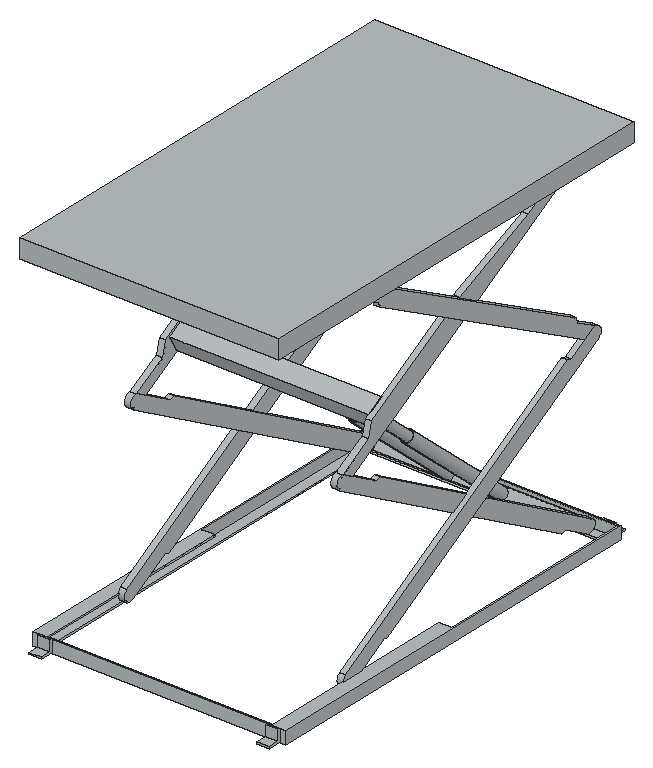
Revit family "DockEquipment_LiftTable_Pentalift_DSL", category Specialty Equipment, Revit 2026
Family settings
  Round Connector Dimension = Use Diameter
  Part Type = Normal
  Work Plane-Based = Yes
  Enable Cutting in Views = No
  Always vertical = No
  Cut with Voids When Loaded = No
  Maintain Annotation Orientation = No
  Shared = No
  Room Calculation Point = No
Parameters
  offset [instance] = 0' - 0"
  Warranty Duration (Years) = 0
  Unit Width = 3' - 6"
  Unit Length = 6' - 0"
  URL = "http://www.pentalift.com/index.php"
  Specification = ""
  SpecWizard = ""
  Send Message = "http://www.arcat.com/users.pl?action=UserEmail&company=Pentalift Equipment Corp.&coid=34752&rep=119&fax=519-763-2894&mf="
  Sales Information = "http://www.pentalift.com/about-us.htm"
  Revision = "R1_01-2012"
  Product Properties = ""
  Product Data = "http://www.arcat.com/arcatcos/cos34/arc34752.html"
  Platform Width [instance] = 3' - 6"
  Platform Length [instance] = 6' - 0"
  Platform Height [instance] = 5' - 0"
  Model = "As Specified"
  Material [instance] = Metal - Steel - Pentalift - Painted - Gray
  Manufacturer Website = "http://www.pentalift.com/index.php"
  Manufacturer Phone - Toll Free = ""
  Manufacturer Phone = "519-763-3625 "
  Manufacturer Fax = "519-763-2894"
  Manufacturer Address = "21 Nicholas Beaver Rd. Guelph, ON, Canada N1H 6H9 "
  Manufacturer = "Pentalift Equipment Corp."
  Maintenance Schedule (Months) = 0
  Keynote = "11160"
  Installation-Fabrication = ""
  Installation Phase = ""
  Green Building-LEED = ""
  Expected Lifespan (Years) = 0
  Drawn By = "Sumex Design, Inc. / Robert S. Weygant, CSI, CDT, SCIP"
  Description = "Pentalift Dock Equipment as Specified"
  Default Elevation = 4' - 0"
  Copyright = "©Arcat Inc."
  Construction Details = "http://www.arcat.com/details/pentalif/pentalif.html?coid=34752"
  Capacity (Weight) = 0.00 kip
  Assembly Code = "E1030300"
Reference planes (in)
  plane 1 "Center (Front/Back)": y = 0
  plane 2 "Bottom": z = 0
  plane 3 "Center (Left/Right)": x = 0
  plane 4 "Front": y = -36
  plane 5 "Back": y = 36
  plane 6 "Left": x = -21
  plane 7 "Right": x = 21
  plane 8 "Top": z = 60
  plane 9: x = -20.5
  plane 10: x = 20.5
  plane 11: y = 34
  plane 12: y = -34
  plane 13: z = 1.75
  plane 14: z = 57
  plane 15: x = -3
  plane 16: z = 3
  plane 17: x = -21
  plane 18: x = 21
  plane 19: y = 36
  plane 20: y = -36
Forms (in)
  Extrusion 1, solid, material "Metal - Steel - Pentalift - Painted - Gray" <- "Material"
    sketch origin (-43.59721, -180, 60) x (-1, 0, 0) y (0, -1, 0)
      loop
        line (-22.59721, -216) -> (-22.59721, -144) -> (-64.59721, -144) -> (-64.59721, -216) -> (-22.59721, -216)
    from 0 to -3
  Sweep 2, solid, material "Metal - Steel - Pentalift - Painted - Gray" <- "Material"
    path origin (0, 0, 0) x (1, 0, 0) y (0, 1, 0)
      loop
        line (-20.5, 34) -> (-20.5, -34) -> (20.5, -34) -> (20.5, 34) -> (-20.5, 34)
    profile origin (0, 34, 0) x (0, 1, 0) y (0, 0, 1)
      loop
        line (-0.25, 2) -> (-0.25, 0.25) -> (-2, 0.25) -> (-2, 0) -> (0, 0) -> (0, 2) -> (-0.25, 2)
  Extrusion 3, solid, material "Metal - Steel - Pentalift - Painted - Gray" <- "Material"
    sketch origin (-20.5, 55.3623, 48) x (0, 1, 0) y (0, 0, 1)
      loop
        line (-21.3623, -46) -> (-21.3623, -48) -> (-19.3623, -48) -> (-19.3623, -47.75) -> (-21.1123, -47.75) -> (-21.1123, -46) -> (-21.3623, -46)
      loop
        line (-89.3623, -46) -> (-89.6123, -46) -> (-89.6123, -47.75) -> (-91.3623, -47.75) -> (-91.3623, -48) -> (-89.3623, -48) -> (-89.3623, -46)
    from 3 to 1
  Extrusion 4, solid, material "Metal - Steel - Pentalift - Painted - Gray" <- "Material"
    sketch origin (20.5, -56.16774, 48) x (0, -1, 0) y (0, 0, 1)
      loop
        line (-90.16774, -46) -> (-90.41774, -46) -> (-90.41774, -47.75) -> (-92.16774, -47.75) -> (-92.16774, -48) -> (-90.16774, -48) -> (-90.16774, -46)
      loop
        line (-22.16774, -46) -> (-22.16774, -48) -> (-20.16774, -48) -> (-20.16774, -47.75) -> (-21.91774, -47.75) -> (-21.91774, -46) -> (-22.16774, -46)
    from 3 to 1
  Extrusion 5, solid, material "Metal - Steel - Pentalift - Painted - Gray" <- "Material"
    sketch origin (0, 40.75, 1.75) x (0, 1, 0) y (-1, 0, 0)
      loop
        line (-74.75, 20.5) -> (-74.75, 18.25) -> (-40.75, 18.25) -> (-40.75, 20.5) -> (-74.75, 20.5)
      loop
        line (-74.75, -20.5) -> (-40.75, -20.5) -> (-40.75, -18.25) -> (-74.75, -18.25) -> (-74.75, -20.5)
    from 0 to 0.25
Cuts and joins
  joined: Sweep 2, Extrusion 5
Dimensions and locks (in)
  equal spacing: plane 6 "Left", plane 3 "Center (Left/Right)", plane 7 "Right"
  "Unit Width": plane 6 "Left" to plane 7 "Right"
  equal spacing: plane 5 "Back", plane 1 "Center (Front/Back)", plane 4 "Front"
  "Unit Length": plane 5 "Back" to plane 4 "Front"
  "Platform Height": plane 8 "Top" to level
  locked: plane 10 to plane 7 "Right" at 0.5
  locked: plane 6 "Left" to plane 9 at 0.5
  locked: plane 12 to plane 4 "Front" at 2
  plane 5 "Back" to plane 11 = 0' - 2"
  locked: plane 13 to level at 1.75
  locked: plane 8 "Top" to plane 14 at 3
  locked: plane 6 "Left" to plane 15 at 18
  equal spacing: plane 20, plane 1 "Center (Front/Back)", plane 19
  equal spacing: plane 17, plane 3 "Center (Left/Right)", plane 18
  "Platform Width": plane 17 to plane 18
  "Platform Length": plane 19 to plane 20
  aligned and locked: Extrusion 1 to plane 14
  aligned and locked: plane 1 "Center (Front/Back)" to nested 1
  aligned and locked: plane 3 "Center (Left/Right)" to nested 1
Automatic sketch dimensions
  Sweep 2 sketch curve to plane 9 = 0' - 0"
  Sweep 2 sketch curve to plane 10 = 0' - 0"
  Sweep 2 sketch curve to plane 12 = 0' - 0"
  Sweep 2 sketch curve to plane 11 = 0' - 0"
  Sweep 2 sketch curve to level = 0' - 0"
  Sweep 2 sketch curve to profile plane = 0' - 0"
  Sweep 2 sketch curve to Sweep 2 sketch curve = 0' - 0 1/4"
  Sweep 2 sketch curve to Sweep 2 sketch curve = 0' - 1 3/4"  (x2)
  level to Sweep 2 sketch curve = 0' - 0 1/4"
  Extrusion 1 sketch curve to plane 18 = 0' - 0"
  Extrusion 1 sketch curve to plane 17 = 0' - 0"
  Extrusion 1 sketch curve to plane 19 = 0' - 0"
  Extrusion 1 sketch curve to plane 20 = 0' - 0"
  Extrusion 3 sketch curve to plane 4 "Front" = 0' - 0"
  Extrusion 3 sketch curve to plane 12 = 0' - 0"
  Extrusion 3 sketch curve to plane 11 = 0' - 0"
  Extrusion 3 sketch curve to plane 5 "Back" = 0' - 0"
  Extrusion 3 sketch curve to level = 0' - 0"  (x2)
  Extrusion 3 sketch curve to plane 12 = 0' - 0 1/4"
  plane 11 to Extrusion 3 sketch curve = 0' - 0 1/4"
  level to Extrusion 3 sketch curve = 0' - 0 1/4"  (x2)
  plane 13 to Extrusion 3 sketch curve = 0' - 0 1/4"  (x2)
  Extrusion 4 sketch curve to plane 5 "Back" = 0' - 0"
  Extrusion 4 sketch curve to level = 0' - 0"  (x2)
  Extrusion 4 sketch curve to plane 11 = 0' - 0"
  Extrusion 4 sketch curve to plane 12 = 0' - 0"
  Extrusion 4 sketch curve to plane 4 "Front" = 0' - 0"
  plane 11 to Extrusion 4 sketch curve = 0' - 0 1/4"
  Extrusion 4 sketch curve to plane 12 = 0' - 0 1/4"
  level to Extrusion 4 sketch curve = 0' - 0 1/4"  (x2)
  plane 13 to Extrusion 4 sketch curve = 0' - 0 1/4"  (x2)
  Extrusion 5 sketch curve to plane 9 = 0' - 0"
  Extrusion 5 sketch curve to plane 12 = 0' - 0"  (x2)
  Extrusion 5 sketch curve to plane 1 "Center (Front/Back)" = 0' - 0"  (x2)
  Extrusion 5 sketch curve to plane 10 = 0' - 0"
  Extrusion 5 sketch curve to Extrusion 5 sketch curve = 0' - 2 1/4"  (x2)
Nested families (in)
  nested 1: "Scisor_DSL" at (0, 0, 0), Material <- "Material", Unit Width <- "Unit Width", Unit Length <- "Unit Length", Platform Height <- "Platform Height", type "Scisor_DSL"
    with offset 0' - 0", ll/2 2' - 4.8", lFull 3' - 9.6", Unit Width 3' - 6", Unit Length 6' - 0", Support Angle 29.513°, Platform Height 5' - 0", PistonLength 4' - 2.4838", PistonAngle 11.7595°, Material Metal - Steel - Pentalift - Painted - Gray, Leg Length 4' - 9.6"
Definition of nested family "Scisor_DSL"
  Parameters
    offset [instance] = 0' - 0"
    ll/2 [instance] = Leg Length / 2  # 2' - 4.8"
    lFull [instance] = Leg Length - 1' 0"  # 3' - 9.6"
    Warranty Duration (Years) = 0
    Unit Width [instance] = 2' - 0"
    Unit Length [instance] = 6' - 0"
    Unit Height = 3' - 6"
    URL = "http://www.pentalift.com/index.php"
    Support Angle [instance] = asin(((Platform Height - 0' 3 1/4") / 2) / Leg Length)  # 29.513°
    Specification = ""
    SpecWizard = ""
    Send Message = "http://www.arcat.com/users.pl?action=UserEmail&company=Pentalift Equipment Corp.&coid=34752&rep=119&fax=519-763-2894&mf="
    Sales Information = "http://www.pentalift.com/about-us.htm"
    Revision = "R1_01-2012"
    Product Properties = ""
    Product Data = "http://www.arcat.com/arcatcos/cos34/arc34752.html"
    Platform Height [instance] = 5' - 0"
    PistonLength [instance] = sqrt(1.00 SF + ((Leg Length - 0' 2") ^ 2) - 2' 0" * 1 * (Leg Length - 0' 2") * cos(Support Angle * 2))  # 4' - 2.4838"
    PistonAngle [instance] = asin((1' 0" * sin(Support Angle * 2)) / PistonLength)  # 11.7595°
    Model = "As Specified"
    Material [instance] = none
    Manufacturer Website = "http://www.pentalift.com/index.php"
    Manufacturer Phone - Toll Free = ""
    Manufacturer Phone = "519-763-3625 "
    Manufacturer Fax = "519-763-2894"
    Manufacturer Address = "21 Nicholas Beaver Rd. Guelph, ON, Canada N1H 6H9 "
    Manufacturer = "Pentalift Equipment Corp."
    Maintenance Schedule (Months) = 0
    Leg Length [instance] = Unit Length * 0.8  # 4' - 9.6"
    Keynote = "11160"
    Installation-Fabrication = ""
    Installation Phase = ""
    Green Building-LEED = ""
    Expected Lifespan (Years) = 0
    Drawn By = "Sumex Design, Inc. / Robert S. Weygant, CSI, CDT, SCIP"
    Description = "Pentalift Dock Equipment as Specified"
    Default Elevation = 4' - 0"
    Copyright = "©Arcat Inc."
    Construction Details = "http://www.arcat.com/details/pentalif/pentalif.html?coid=34752"
    Capacity (Weight) = 0.00 kip
    Assembly Code = "E1030300"
  Reference planes (in)
    plane 1 "Center (Front/Back)": y = 0
    plane 2 "Bottom": z = 0
    plane 3 "Center (Left/Right)": x = 0
    plane 4 "Front": y = -36
    plane 5 "Back": y = 36
    plane 6 "Left": x = -12
    plane 7 "Right": x = 12
    plane 8 "Top": z = 60
    plane 9: x = -9.25
    plane 10: x = 9.25
    plane 11: y = 33.5
    plane 12: y = -32.25
    plane 13: z = 1.75
    plane 14: y = 31.75
    plane 15: z = 58.5
    plane 16: z = 30.125
  Forms (in)
    Extrusion 1, solid, material <- "Material"
      sketch origin (0, 32.45575, 58.24621) x (0, -0.870244, -0.492622) y (0, 0.492622, -0.870244)
        loop
          line (46.08915, 0.05574) -> (46.08915, -2.94426) -> (49.08915, -2.94426) -> (49.08915, 0.05574) -> (46.08915, 0.05574)
      from -7.25 to 7.25
    Extrusion 2, solid, material <- "Material"
      sketch origin (0, 31.75, 1.75) x (0, -0.870244, 0.492622) y (0, -0.492622, -0.870244)
        loop
          line (1.7573, -1.06116) -> (2.00729, -1.06416) -> (2.02926, 0.76988) -> (4.28224, 0.74289) -> (4.28523, 0.99287) -> (1.78227, 1.02286) -> (1.7573, -1.06116)
      from -7.25 to 7.25
    Revolve 3, solid, material <- "Material"
      sketch origin (-4.25, 29.99208, 2.74511) x (0, -0.75158, 0.659642) y (0, 0.659642, 0.75158)
        loop
          line (0, 0) -> (50.4838, 0) -> (50.4838, 0.75) -> (25.2419, 0.75) -> (25.2419, 0.99469) -> (0, 0.99469) -> (0, 0)
        axis (0, 0) -> (50.4838, 0)
      angle from 0 to 360
    Revolve 4, solid, material <- "Material"
      sketch origin (4.25, 29.99208, 2.74511) x (0, -0.75158, 0.659642) y (0, 0.659642, 0.75158)
        loop
          line (0, 0) -> (50.4838, 0) -> (50.4838, 0.75) -> (25.2419, 0.75) -> (25.2419, 0.99469) -> (0, 0.99469) -> (0, 0)
        axis (0, 0) -> (50.4838, 0)
      angle from 0 to 360
  Lines and regions (in)
    reference lines
      curve 1: line (0, 31.75, 58.5) -> (0, -48.31242, 13.17882)
      curve 2: line (0, 31.75, 1.75) -> (0, -57.01485, 51.9974)
      curve 3: line (0, 31.75, 30.125) -> (0, 3.03196, 13.86849)
      curve 4: line (0, 31.75, 30.125) -> (0, 15.21537, 39.48481)
      curve 5: line (0, 29.99208, 2.74511) -> (0, -1.1985, 30.12024)
      curve 6: line (-4.25, 29.99208, 2.74511) -> (-4.25, 4.62624, 25.00802)
      curve 7: line (4.25, 29.99208, 2.74511) -> (4.25, 4.62624, 25.00802)
  Dimensions and locks (in)
    equal spacing: plane 6 "Left", plane 3 "Center (Left/Right)", plane 7 "Right"
    "Unit Width": plane 6 "Left" to plane 7 "Right"
    equal spacing: plane 5 "Back", plane 1 "Center (Front/Back)", plane 4 "Front"
    "Unit Length": plane 5 "Back" to plane 4 "Front"
    "Platform Height": plane 8 "Top" to level
    locked: plane 10 to plane 7 "Right" at 2.75
    locked: plane 6 "Left" to plane 9 at 2.75
    locked: plane 12 to plane 4 "Front" at 3.75
    locked: plane 5 "Back" to plane 11 at 2.5
    locked: plane 13 to level at 1.75
    locked: plane 11 to plane 14 at 1.75
    locked: plane 8 "Top" to plane 15 at 1.5
    locked: plane 10 to Extrusion 1 at 2
    locked: plane 9 to Extrusion 1 at 2
    equal spacing: plane 15, plane 16, plane 13
    locked: nested 1 to plane 9 at 1
    locked: nested 5 to plane 9 at 1
    locked: nested 2 to plane 10 at 1
    locked: Extrusion 1 sketch curve to Extrusion 1 sketch curve at 3
    locked: Extrusion 2 to plane 10 at 2
    locked: Extrusion 2 to plane 9 at 2
    locked: plane 10 to curve 7 at 5
    locked: curve 6 to plane 9 at 5
    "PistonLength": Revolve 3 sketch curve to curve 6
    equal spacing: Revolve 3 sketch curve, Revolve 3 sketch curve, curve 6
    equal spacing: Revolve 4 sketch curve, Revolve 4 sketch curve, curve 6
    "PistonLength": Revolve 4 sketch curve to curve 6
    "lFull": curve 1 to Extrusion 1 sketch curve
    locked: plane 10 to nested 6 at 2
    "Support Angle": angle curve 1 to plane 15
    "Support Angle": angle plane 13 to curve 2
    "Support Angle": angle plane 16 to curve 4
    "Support Angle": angle curve 3 to plane 16
    "PistonAngle": angle curve 2 to curve 5
    aligned and locked: nested 3 to plane 9
    aligned and locked: nested 4 to plane 9
    aligned and locked: nested 7 to plane 10
    aligned and locked: nested 8 to plane 10
  Automatic sketch dimensions
    curve 3 to plane 14 = 0' - 0"
    curve 2 to plane 13 = 0' - 0"
    curve 2 to plane 14 = 0' - 0"
    curve 1 to plane 14 = 0' - 0"
    curve 3 to plane 16 = 0' - 0"
    curve 1 to plane 15 = 0' - 0"
    curve 1 to Extrusion 1 sketch curve = 0' - 2.37573"
    Extrusion 1 sketch curve to curve 1 = 0' - 0.62427"
    curve 5 to curve 2 = 0' - 0"
    curve 2 to curve 5 = 0' - 2.02004"
    curve 2 to Extrusion 2 sketch curve = 0' - 1.7573"
    Extrusion 2 sketch curve to curve 2 = 0' - 1.02286"
    curve 2 to Extrusion 2 sketch curve = 0' - 1.78227"
    Extrusion 2 sketch curve to Extrusion 2 sketch curve = 0' - 0 1/4"
    Extrusion 2 sketch curve to curve 2 = 0' - 0.76988"
    Extrusion 2 sketch curve to Extrusion 2 sketch curve = 0' - 0.24699"
    Extrusion 2 sketch curve to curve 2 = 0' - 0.74289"
    curve 7 to curve 5 = 0' - 0"
    curve 6 to curve 5 = 0' - 0"
    curve 6 to curve 5 = 0' - 4 1/4"
    curve 5 to curve 7 = 0' - 4 1/4"
    curve 7 to curve 5 = 0' - 7 3/4"
    curve 6 to curve 5 = 0' - 7 3/4"
    Revolve 3 sketch curve to curve 6 = 0' - 0"  (x3)
    curve 6 to Revolve 3 sketch curve = 0' - 0.99469"
    Revolve 3 sketch curve to Revolve 3 sketch curve = 0' - 4.63285"
    Revolve 3 sketch curve to Revolve 3 sketch curve = 0' - 10.37054"
    Revolve 3 sketch curve to Revolve 3 sketch curve = 0' - 0.24469"
    Revolve 4 sketch curve to curve 7 = 0' - 0"  (x3)
    curve 7 to Revolve 4 sketch curve = 0' - 0.99469"
    Revolve 4 sketch curve to curve 7 = 0' - 4.63285"
    Revolve 4 sketch curve to curve 7 = 0' - 0 3/4"
    Revolve 4 sketch curve to Revolve 4 sketch curve = 0' - 10.37054"
  Nested families (in)
    nested 1: "Leg_DSL" at (-8.25, 31.75, 1.75) x (0, -0.8702, 0.4926) z (1, 0, 0), Material <- "Material", Length <- "Leg Length", type "Leg_DSL"
      with Material none, Length 4' - 9.6"
    nested 2: "Leg_DSL" at (7.25, 31.75, 1.75) x (0, -0.8702, 0.4926) z (1, 0, 0), Material <- "Material", Length <- "Leg Length", type "Leg_DSL"
      with Material none, Length 4' - 9.6"
    nested 3: "Leg_DSL" at (-9.25, 31.75, 30.125) x (0, -0.8702, -0.4926) z (1, 0, 0), Material <- "Material", Length <- "Leg Length", type "Leg_DSL"
      with Material none, Length 4' - 9.6"
    nested 4: "Leg_DSL" at (-9.25, 31.75, 30.125) x (0, -0.8702, 0.4926) z (1, 0, 0), Material <- "Material", Length <- "Leg Length", type "Leg_DSL"
      with Material none, Length 4' - 9.6"
    nested 5: "Leg_DSL2" at (-8.25, 31.75, 58.5) x (0, -0.8702, -0.4926) z (1, 0, 0), Material <- "Material", Length <- "Leg Length", type "Leg_DSL2"
      with Material none, Length 4' - 9.6"
    nested 6: "Leg_DSL2" at (7.25, 31.75, 58.5) x (0, -0.8702, -0.4926) z (1, 0, 0), Material <- "Material", Length <- "Leg Length", type "Leg_DSL2"
      with Material none, Length 4' - 9.6"
    nested 7: "Leg_DSL" at (8.25, 31.75, 30.125) x (0, -0.8702, -0.4926) z (1, 0, 0), Material <- "Material", Length <- "Leg Length", type "Leg_DSL"
      with Material none, Length 4' - 9.6"
    nested 8: "Leg_DSL" at (8.25, 31.75, 30.125) x (0, -0.8702, 0.4926) z (1, 0, 0), Material <- "Material", Length <- "Leg Length", type "Leg_DSL"
      with Material none, Length 4' - 9.6"
  Definition of nested family "Leg_DSL"
    Parameters
      Material [instance] = none
      Length [instance] = 4' - 0"
      Depth = 0' - 1"
      Default Elevation = 4' - 0"
    Reference planes (in)
      plane 1 "Center (Front/Back)": y = 0
      plane 2: z = 0
      plane 3 "Center (Left/Right)": x = 0
      plane 4: x = 48
      plane 5: x = 39.67703
      plane 6: x = 5.79364
    Forms (in)
      Extrusion 1, solid, material <- "Material"
        sketch origin (0, 0, 0) x (1, 0, 0) y (0, 1, 0)
          loop
            line (47.99057, 1.07498) -> (40.4624, 0.98477) -> (39.91169, 1.52245) -> (-0.01251, 1.04407)
            arc (-0.01251, 1.04407) -> (-1.04407, -0.01251) -> (0.01251, -1.04407) r 1.04414
            line (0.01251, -1.04407) -> (4.94971, -0.98491) -> (5.56298, -1.58366) -> (48.01633, -1.07498)
            arc (48.01633, -1.07498) -> (49.07842, 0.01288) -> (47.99057, 1.07498) r 1.07505
        from 0 to 1
    Dimensions and locks (in)
      locked: plane 3 "Center (Left/Right)" to plane 6 at 5.79364
      locked: plane 5 to plane 4 at 8.32297
      "Length": plane 3 "Center (Left/Right)" to plane 4
      "Depth": Extrusion 1 to level
    Automatic sketch dimensions
      Extrusion 1 sketch curve to plane 1 "Center (Front/Back)" = 0' - 0"  (x2)
      Extrusion 1 sketch curve to plane 3 "Center (Left/Right)" = 0' - 0"
      Extrusion 1 sketch curve to plane 3 "Center (Left/Right)" = 0' - 0.01251"
      plane 3 "Center (Left/Right)" to Extrusion 1 sketch curve = 0' - 0.01251"
      Extrusion 1 sketch curve to plane 6 = 0' - 0.84394"
      Extrusion 1 sketch curve to plane 6 = 0' - 0.23066"
      Extrusion 1 sketch curve to plane 5 = 0' - 0.23466"
      Extrusion 1 sketch curve to Extrusion 1 sketch curve = 0' - 0.55072"
      Extrusion 1 sketch curve to plane 4 = 0' - 0.00943"
      plane 4 to Extrusion 1 sketch curve = 0' - 0.00345"
      plane 4 to Extrusion 1 sketch curve = 0' - 0.01633"
      plane 1 "Center (Front/Back)" to Extrusion 1 sketch curve = 0' - 0.98491"
      plane 1 "Center (Front/Back)" to Extrusion 1 sketch curve = 0' - 1.04407"
      plane 1 "Center (Front/Back)" to Extrusion 1 sketch curve = 0' - 1.07498"
      Extrusion 1 sketch curve to Extrusion 1 sketch curve = 0' - 0.59875"
      Extrusion 1 sketch curve to plane 1 "Center (Front/Back)" = 0' - 0.98477"
      Extrusion 1 sketch curve to Extrusion 1 sketch curve = 0' - 0.53768"
  Definition of nested family "Leg_DSL2"
    Parameters
      Material [instance] = none
      Length [instance] = 4' - 0"
      Depth = 0' - 1"
      Default Elevation = 4' - 0"
    Reference planes (in)
      plane 1 "Center (Front/Back)": y = 0
      plane 2: z = 0
      plane 3 "Center (Left/Right)": x = 0
      plane 4: x = 48
      plane 5: x = 39.67703
      plane 6: x = 5.79364
      plane 7: x = 24
    Forms (in)
      Extrusion 1, solid, material <- "Material"
        sketch origin (0, 0, 0) x (1, 0, 0) y (0, 1, 0)
          loop
            line (48, 0.8885) -> (41.34622, 0.8885) -> (39.67703, 2.55769) -> (24, 2.55769) -> (13.67703, 0.88672) -> (0, 0.88672)
            arc (0, 0.88672) -> (-0.88672, 0) -> (0, -0.88672) r 0.88672
            line (0, -0.88672) -> (48, -0.88672)
            arc (48, -0.88672) -> (48.88761, 0.00089) -> (48, 0.8885) r 0.88761
        from 0 to 1
    Dimensions and locks (in)
      locked: plane 3 "Center (Left/Right)" to plane 6 at 5.79364
      locked: plane 5 to plane 4 at 8.32297
      "Length": plane 3 "Center (Left/Right)" to plane 4
      "Depth": Extrusion 1 to level
      equal spacing: plane 3 "Center (Left/Right)", plane 7, plane 4
    Automatic sketch dimensions
      Extrusion 1 sketch curve to plane 3 "Center (Left/Right)" = 0' - 0"
      Extrusion 1 sketch curve to plane 7 = 0' - 0"
      Extrusion 1 sketch curve to plane 5 = 0' - 0"
      Extrusion 1 sketch curve to plane 4 = 0' - 0"
      Extrusion 1 sketch curve to plane 1 "Center (Front/Back)" = 0' - 0"
      Extrusion 1 sketch curve to plane 1 "Center (Front/Back)" = 0' - 0 227/256"
      plane 6 to Extrusion 1 sketch curve = 0' - 7.88338"
      Extrusion 1 sketch curve to plane 5 = 0' - 1.6692"
      Extrusion 1 sketch curve to plane 1 "Center (Front/Back)" = 0' - 0.00089"
      Extrusion 1 sketch curve to plane 1 "Center (Front/Back)" = 0' - 2.55769"
